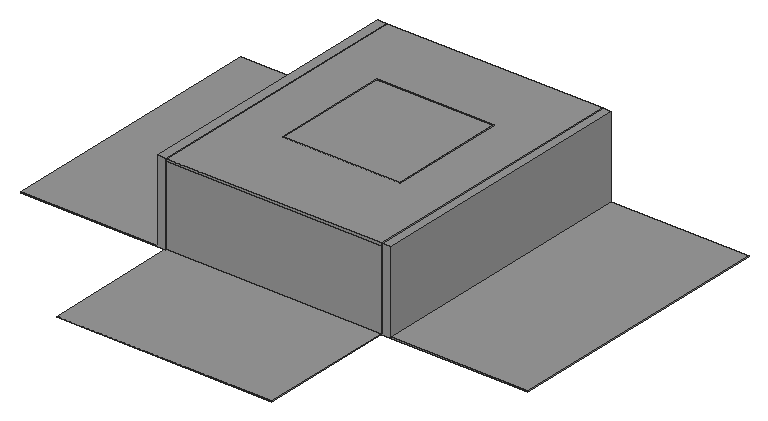
Revit family "OKA-G Anbaueinheit für GES4, Höhe 40-140mm", category Generic Models, Revit 2015
Parameters (values of type "OKA-G A 401404")
  Width = 400 mm
  URL = "http://www.obo-bettermann.com"
  Material = Steel, Galvanized
  Manufacturer Art. No. = "7424004"
  Manufacturer = "OBO Bettermann"
  Length = 473 mm
  HeightCalc [instance] = if(Height < 40 mm, 40 mm, (if(Height > 140 mm, 140 mm, Height)))  # 140 mm
  Height [instance] = 500 mm
  GTIN = "4012195242949"
  Article Type = "OKA-G40040140"
Reference planes
  plane 1 "Center (Front/Back)": y = 0
  plane 2: z = 0
  plane 3 "Center (Left/Right)": x = 0
  plane 4: z = 140
  plane 5: y = -473
  plane 6: x = 200
  plane 7: x = -200
Forms (mm)
  Extrusion 1, solid, material "Aluminum 6061"
    sketch origin (0, 0, 0) x (1, 0, 0) y (0, 0, 1)
      loop
        line (185, 140) -> (185, 0) -> (435, 0) -> (435, 1) -> (200, 1) -> (200, 140) -> (185, 140)
      loop
        line (-200, 1) -> (-435, 1) -> (-435, 0) -> (-185, 0) -> (-185, 140) -> (-200, 140) -> (-200, 1)
    from 0 to 473
  Extrusion 2, solid, material "Steel, Galvanized" <- "Material"
    sketch origin (0, 0, 0) x (1, 0, 0) y (0, 0, 1)
      loop
        line (185, 136) -> (185, 140) -> (-185, 140) -> (-185, 136) -> (185, 136)
    from 0 to 473
  Extrusion 3, solid, material "Aluminum 6061"
    sketch origin (0, 0, 0) x (0, 1, 0) y (0, 0, 1)
      loop
        line (-473, 136) -> (-473, 1) -> (-708, 1) -> (-708, 0) -> (-458, 0) -> (-458, 136) -> (-473, 136)
    from -185 to 185
  Extrusion 4, void
    sketch origin (0, 0, 0) x (1, 0, 0) y (0, 1, 0)
      loop
        line (-100.5, -127.5) -> (-100.5, -328.5) -> (100.5, -328.5) -> (100.5, -127.5) -> (-100.5, -127.5)
    from 0 to 250
  Extrusion 5, solid, material "Steel, Galvanized" <- "Material"
    sketch origin (0, 0, 0) x (1, 0, 0) y (0, 1, 0)
      loop
        line (-100.5, -127.5) -> (-100.5, -328.5) -> (100.5, -328.5) -> (100.5, -127.5) -> (-100.5, -127.5)
    from 136 to 140
Cuts and joins
  Extrusion 4 cuts Extrusion 2
Lines and regions (mm)
  model lines
    curve 1: line (-200, 0, 140) -> (-185, 0, 140)
    curve 2: line (-185, 0, 140) -> (-185, 0, 0)
    curve 3: line (-185, 0, 0) -> (-435, 0, 0)
    curve 4: line (-435, 0, 0) -> (-435, 0, 1)
    curve 5: line (-435, 0, 1) -> (-200, 0, 1)
    curve 6: line (-200, 0, 1) -> (-200, 0, 140)
    curve 7: line (185, 0, 140) -> (185, 0, 0)
    curve 8: line (185, 0, 0) -> (435, 0, 0)
    curve 9: line (435, 0, 0) -> (435, 0, 1)
    curve 10: line (435, 0, 1) -> (200, 0, 1)
    curve 11: line (200, 0, 1) -> (200, 0, 140)
    curve 12: line (200, 0, 140) -> (185, 0, 140)
    curve 13: line (185, 0, 140) -> (185, 0, 0)
    curve 14: line (-185, 0, 0) -> (-185, 0, 140)
    curve 15: line (-185, 0, 140) -> (185, 0, 140)
    curve 16: line (-185, 0, 136) -> (185, 0, 136)
Dimensions and locks
  locked: curve 5 to curve 3 at 1
  locked: curve 2 to curve 6 at 15
  locked: curve 10 to curve 8 at 1
  locked: curve 2 to curve 4 at 250
  locked: curve 9 to curve 7 at 250
  locked: curve 11 to curve 7 at 15
  "Length": plane 1 "Center (Front/Back)" to plane 5
  equal spacing: plane 7, plane 3 "Center (Left/Right)", plane 6
  "Width": plane 7 to plane 6
  "HeightCalc": level to plane 4
  locked: curve 16 to curve 15 at 4
  Extrusion 3 sketch curve to Extrusion 1 = 15 mm
  locked: Extrusion 3 sketch curve to Extrusion 3 sketch curve at 250
  locked: Extrusion 3 sketch curve to Extrusion 3 sketch curve at 1
  locked: Extrusion 4 sketch curve to Extrusion 4 sketch curve at 201  (x2)
  equal spacing: Extrusion 4 sketch curve, plane 3 "Center (Left/Right)", Extrusion 4 sketch curve, locked at 100.5 each
  locked: Extrusion 2 to Extrusion 4 sketch curve at 127.5
  aligned and locked: level to plane 2
  aligned and locked: level to curve 3
  aligned and locked: curve 6 to plane 7
  aligned and locked: curve 11 to plane 6
  aligned and locked: plane 4 to curve 1
  aligned and locked: curve 8 to level
  aligned and locked: Extrusion 1 sketch curve to curve 13
  aligned and locked: Extrusion 1 sketch curve to curve 12
  aligned and locked: Extrusion 1 sketch curve to curve 11
  aligned and locked: Extrusion 1 sketch curve to curve 10
  aligned and locked: Extrusion 1 sketch curve to curve 9
  aligned and locked: Extrusion 1 sketch curve to curve 8
  aligned and locked: Extrusion 1 sketch curve to curve 6
  aligned and locked: Extrusion 1 sketch curve to curve 14
  aligned and locked: Extrusion 1 sketch curve to curve 1
  aligned and locked: Extrusion 1 sketch curve to curve 5
  aligned and locked: Extrusion 1 sketch curve to curve 3
  aligned and locked: Extrusion 1 sketch curve to curve 4
  aligned and locked: Extrusion 1 to plane 5
  aligned and locked: Extrusion 2 sketch curve to curve 16
  aligned and locked: Extrusion 2 sketch curve to curve 15
  aligned and locked: Extrusion 2 sketch curve to curve 2
  aligned and locked: Extrusion 2 sketch curve to curve 7
  aligned and locked: Extrusion 2 to plane 5
  aligned and locked: level to Extrusion 3 sketch curve
  aligned and locked: Extrusion 3 sketch curve to plane 5
  aligned and locked: Extrusion 3 to curve 1
  aligned and locked: Extrusion 3 to Extrusion 1
  aligned and locked: Extrusion 3 to Extrusion 2
  aligned and locked: Extrusion 5 sketch curve to cut or joined group of Extrusion 2, Extrusion 4  (x4)
  aligned and locked: curve 16 to Extrusion 5
  aligned and locked: Extrusion 5 to curve 1
Automatic sketch dimensions
  Extrusion 3 sketch curve to plane 4 = 4 mm
